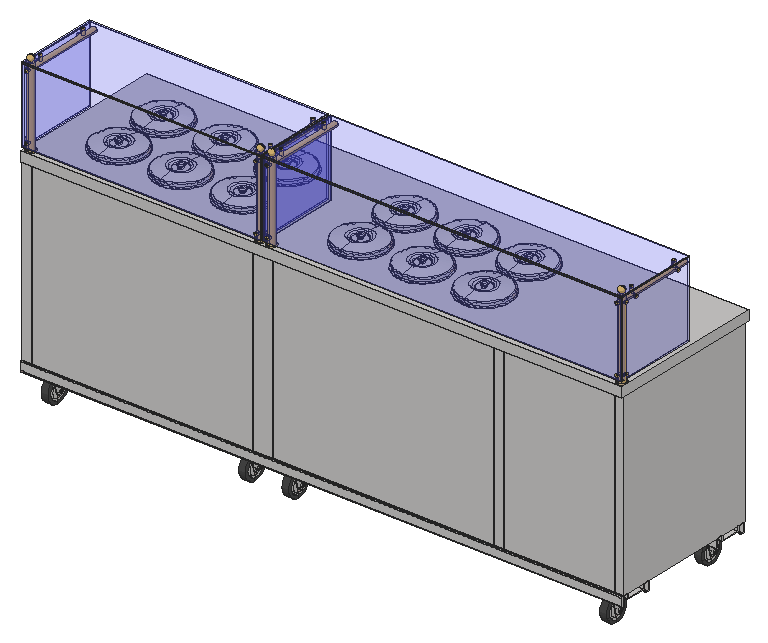
Revit family "Food-Service-Equipment_Oscartek_Pozzetti_PS12", category Specialty Equipment, Revit 2026
Family settings
  Round Connector Dimension = Use Diameter
  Part Type = Normal
  Classification Number = 23.40.40.11.17
  Work Plane-Based = No
  Enable Cutting in Views = No
  Always vertical = Yes
  Cut with Voids When Loaded = No
  Maintain Annotation Orientation = No
  Shared = No
  Room Calculation Point = No
Parameters
  Weight in Pounds = 820
  Watts = if(Phase = 3, Volts * FL Amps * 1.73, Volts * FL Amps)  # 1725 W
  Waste Water Discharge Temperature = 0 °F
  Volts = 115 V
  URL Cutsheet = "www.oscartek.com"
  URL = "www.oscartek.com"
  Type Comments = "As Specified"
  Test Data = "http://www.oscartek.com/company/clients.php"
  Specification by User = ""
  Specification by Manufacturer = ""
  Specification = "https://www.arcat.com/arcatcos/cos48/arc48760.html"
  Show Sneeze Guard [instance] = yes
  Show Legs [instance] = not(Show Casters)  # no
  Show Casters [instance] = yes
  Serial Number = ""
  Seismic Rating = ""
  Sales Information = "http://www.oscartek.com/company/contact.php"
  SMACNA No = ""
  Revision Code = ""
  Revision = "R1_2018-10"
  Refrigerant Volume = 0.00 kip
  Refrigerant Type = "R404A"
  Product Data = "http://www.oscartek.com/support/manuals/"
  Phase = 1
  Number of Poles = 1
  NAFEM Spec ID Number = ""
  Model = "POZZETTI PS12"
  Min Ckt Ampacity = 0 A
  Max Overcurrent Protection = 0 A
  Masterspec = ""
  Manufacturer Website = "http://www.oscartek.com/index.php"
  Manufacturer Phone - Toll Free = "855-885-2400"
  Manufacturer Phone = "650-342-2400"
  Manufacturer Fax = "650-342-7400"
  Manufacturer Address = "361 Beach Rd., Burlingame, CA 94010"
  Manufacturer = "OSCARTEK"
  Length = 98.43"
  Item Number = ""
  Installed By = ""
  Installation-Fabrication = "http://www.oscartek.com/support/manuals/"
  Indirect Waste Size = 1/2"
  Indirect Waste Flow = 0 GPM
  Indirect Waste Connection Type = ""
  Indirect Waste Connection Height = 0.00"
  Identify Quantity as Lot = yes
  Height = 36.65347"
  HP = ""
  Green Building-LEED = "https://www.arcat.com/green/green_building.shtml"
  Furnished By = ""
  Foodservice Equipment Identifier = yes
  FL Amps = 15 A
  Elec Conn RI Height = 0.00"
  Elec Conn Connection Height = 0.00"
  Drawn By = "Sumex Design, Inc. / Robert S. Weygant, CSI, CDT, SCIP"
  Description = "POZZETTI WITH STORAGE (SELF CONTAINED)"
  Depth = 25.79"
  Default Elevation = 0.00"
  Cycle = 60 Hz
  Copyright = "©Arcat Inc."
  Construction Details = "http://www.oscartek.com/support/manuals/"
  Conn Plug = ""
  Conn Conduit = yes
  Category = ""
  CSI MasterFormat = "11 41 13"
  Building Codes = "https://www.arcat.com/arcatcos/cos48/arc48760.html"
  BTUH = 0.0 Btu/h
  Apparent Power = 0 VA
Reference planes (in)
  plane 1 "BACK": y = 0
  plane 2: z = 0
  plane 3 "LEFT": x = 0
  plane 4 "RIGHT": x = 98.43
  plane 5 "FRONT": y = -25.79
  plane 6 "TOP": z = 36.65347
  plane 7 "Center Y": x = 49.215
  plane 8 "Center X": y = -12.895
  plane 9: z = 4.37401
  plane 10: z = 50.65347
  plane 11: x = 94.88907
Forms (in)
  Extrusion 1, solid, material "QF_Metal - Stainless - Polished"
    sketch origin (0, 0, 0) x (0, 1, 0) y (0, 0, 1)
      loop
        line (0, 36.65347) -> (-25.79, 36.65347) -> (-25.79, 35.07867) -> (0, 35.07867) -> (0, 36.65347)
    from 0 to 98.43
  Extrusion 2, solid, material "QF_Metal - Stainless - Polished"
    sketch origin (0, 0, 0) x (0, 1, 0) y (0, 0, 1)
      loop
        line (-25.75344, 5.84644) -> (-24.73376, 5.84644) -> (-24.73376, 5.16928)
        arc (-24.73376, 5.16928) -> (-24.71416, 5.12196) -> (-24.66683, 5.10235) r 0.06693
        line (-24.66683, 5.10235) -> (-21.44601, 5.10235)
        arc (-21.44601, 5.10235) -> (-21.39894, 5.12185) -> (-21.37944, 5.16893) r 0.06658
        line (-21.37944, 5.16893) -> (-21.37944, 5.84644) -> (-20.35975, 5.84644) -> (-20.35975, 4.43306) -> (-20.72196, 4.43306) -> (-20.72196, 4.37401) -> (-20.36915, 4.37401)
        arc (-20.36915, 4.37401) -> (-20.32075, 4.39406) -> (-20.3007, 4.44246) r 0.06845
        line (-20.3007, 4.44246) -> (-20.3007, 5.84188)
        arc (-20.3007, 5.84188) -> (-20.31933, 5.88687) -> (-20.36432, 5.9055) r 0.06362
        line (-20.36432, 5.9055) -> (-21.37029, 5.9055)
        arc (-21.37029, 5.9055) -> (-21.41852, 5.88552) -> (-21.43849, 5.83729) r 0.06821
        line (-21.43849, 5.83729) -> (-21.43849, 5.16141) -> (-24.67471, 5.16141) -> (-24.67471, 5.83857)
        arc (-24.67471, 5.83857) -> (-24.69431, 5.8859) -> (-24.74164, 5.9055) r 0.06693
        line (-24.74164, 5.9055) -> (-25.74557, 5.9055)
        arc (-25.74557, 5.9055) -> (-25.7929, 5.8859) -> (-25.8125, 5.83857) r 0.06693
        line (-25.8125, 5.83857) -> (-25.8125, 4.43787)
        arc (-25.8125, 4.43787) -> (-25.7938, 4.39271) -> (-25.74864, 4.37401) r 0.06386
        line (-25.74864, 4.37401) -> (-25.39124, 4.37401) -> (-25.39124, 4.43306) -> (-25.75344, 4.43306) -> (-25.75344, 5.84644)
    from 0 to 98.43
  Extrusion 3, solid, material "QF_Metal - Stainless - Polished"
    sketch origin (0, -25.79, 0) x (0, -1, 0) y (0, 0, -1)
      loop
        line (-24.80029, -5.84644) -> (-24.80029, -4.43306) -> (-24.43808, -4.43306) -> (-24.43808, -4.37401) -> (-24.79548, -4.37401)
        arc (-24.79548, -4.37401) -> (-24.84064, -4.39271) -> (-24.85934, -4.43787) r 0.06386
        line (-24.85934, -4.43787) -> (-24.85934, -5.83857)
        arc (-24.85934, -5.83857) -> (-24.83974, -5.8859) -> (-24.79241, -5.9055) r 0.06693
        line (-24.79241, -5.9055) -> (-23.78848, -5.9055)
        arc (-23.78848, -5.9055) -> (-23.74115, -5.8859) -> (-23.72155, -5.83857) r 0.06693
        line (-23.72155, -5.83857) -> (-23.72155, -5.16141) -> (-20.48533, -5.16141) -> (-20.48533, -5.83729)
        arc (-20.48533, -5.83729) -> (-20.46536, -5.88552) -> (-20.41713, -5.9055) r 0.06821
        line (-20.41713, -5.9055) -> (-19.41116, -5.9055)
        arc (-19.41116, -5.9055) -> (-19.36617, -5.88687) -> (-19.34754, -5.84188) r 0.06362
        line (-19.34754, -5.84188) -> (-19.34754, -4.44246)
        arc (-19.34754, -4.44246) -> (-19.36759, -4.39406) -> (-19.41599, -4.37401) r 0.06845
        line (-19.41599, -4.37401) -> (-19.7688, -4.37401) -> (-19.7688, -4.43306) -> (-19.4066, -4.43306) -> (-19.4066, -5.84644) -> (-20.42628, -5.84644) -> (-20.42628, -5.16893)
        arc (-20.42628, -5.16893) -> (-20.44578, -5.12185) -> (-20.49285, -5.10235) r 0.06658
        line (-20.49285, -5.10235) -> (-23.71367, -5.10235)
        arc (-23.71367, -5.10235) -> (-23.761, -5.12196) -> (-23.7806, -5.16928) r 0.06693
        line (-23.7806, -5.16928) -> (-23.7806, -5.84644) -> (-24.80029, -5.84644)
    from 0 to 98.43
  Extrusion 4, solid, material "QF_Plastic - Black - Smooth"
    sketch origin (0, -0.81255, 35.07867) x (0, 0, -1) y (-1, 0, 0)
      loop
        line (6.11123, -92.39267) -> (6.11123, -83.23489) -> (5.324, -83.23489) -> (5.324, -92.39267) -> (6.11123, -92.39267)
      loop
        line (7.063, -92.39267) -> (7.063, -83.23489) -> (6.27577, -83.23489) -> (6.27577, -92.39267) -> (7.063, -92.39267)
      loop
        line (8.01477, -92.39267) -> (8.01477, -83.23489) -> (7.22754, -83.23489) -> (7.22754, -92.39267) -> (8.01477, -92.39267)
      loop
        line (8.96654, -92.39267) -> (8.96654, -83.23489) -> (8.17931, -83.23489) -> (8.17931, -92.39267) -> (8.96654, -92.39267)
      loop
        line (9.91831, -92.39267) -> (9.91831, -84.23489) -> (9.13108, -83.44766) -> (9.13108, -92.39267) -> (9.91831, -92.39267)
      loop
        line (10.87008, -92.39267) -> (10.87008, -85.18666) -> (10.08285, -84.39943) -> (10.08285, -92.39267) -> (10.87008, -92.39267)
      loop
        line (11.82185, -92.39267) -> (11.82185, -86.13843) -> (11.03462, -85.3512) -> (11.03462, -92.39267) -> (11.82185, -92.39267)
      loop
        line (22.06743, -93.20423) -> (22.06743, -82.47128) -> (21.2802, -82.47128) -> (21.2802, -93.20423) -> (22.06743, -93.20423)
      loop
        line (23.0192, -93.20423) -> (23.0192, -82.47128) -> (22.23197, -82.47128) -> (22.23197, -93.20423) -> (23.0192, -93.20423)
      loop
        line (23.97097, -93.20423) -> (23.97097, -82.47128) -> (23.18374, -82.47128) -> (23.18374, -93.20423) -> (23.97097, -93.20423)
      loop
        line (24.92274, -93.20423) -> (24.92274, -82.47128) -> (24.13551, -82.47128) -> (24.13551, -93.20423) -> (24.92274, -93.20423)
      loop
        line (25.87451, -93.20423) -> (25.87451, -82.47128) -> (25.08728, -82.47128) -> (25.08728, -93.20423) -> (25.87451, -93.20423)
      loop
        line (26.82628, -93.20423) -> (26.82628, -82.47128) -> (26.03905, -82.47128) -> (26.03905, -93.20423) -> (26.82628, -93.20423)
      loop
        line (27.77805, -93.20423) -> (27.77805, -82.47128) -> (26.99082, -82.47128) -> (26.99082, -93.20423) -> (27.77805, -93.20423)
      loop
        line (28.72982, -93.20423) -> (28.72982, -82.47128) -> (27.94259, -82.47128) -> (27.94259, -93.20423) -> (28.72982, -93.20423)
      loop
        line (19.21212, -93.20423) -> (19.21212, -84.31676) -> (18.42489, -85.10399) -> (18.42489, -93.20423) -> (19.21212, -93.20423)
      loop
        line (20.16389, -93.20423) -> (20.16389, -83.36499) -> (19.37666, -84.15222) -> (19.37666, -93.20423) -> (20.16389, -93.20423)
      loop
        line (21.11566, -93.20423) -> (21.11566, -82.41322) -> (20.32843, -83.20045) -> (20.32843, -93.20423) -> (21.11566, -93.20423)
    from 0 to 0.06
  Extrusion 5, solid, material "QF_Metal - Stainless - Polished"
    sketch origin (1.5748, 0, 35.07867) x (0, 0, -1) y (0, 1, 0)
      loop
        line (0, -25.4188) -> (29.17317, -25.4188) -> (29.17317, -23.8488) -> (0, -23.8488) -> (0, -25.4188)
      loop
        line (0, -0.81255) -> (0, -2.38255) -> (29.17317, -2.38255) -> (29.17317, -0.81255) -> (0, -0.81255)
    from 0 to 36.20072
  Extrusion 6, solid, material "QF_Metal - Stainless - Polished"
    sketch origin (0, 0, 0) x (1, 0, 0) y (0, 0, 1)
      loop
        line (0, 35.07867) -> (0, 5.9055) -> (1.5748, 5.9055) -> (1.5748, 35.07867) -> (0, 35.07867)
      loop
        line (98.43, 35.07867) -> (96.8552, 35.07867) -> (96.8552, 5.9055) -> (98.43, 5.9055) -> (98.43, 35.07867)
      loop
        line (78.74027, 35.07867) -> (77.14579, 35.07867) -> (77.14579, 5.9055) -> (78.74027, 5.9055) -> (78.74027, 35.07867)
      loop
        line (40.96448, 35.07867) -> (37.77552, 35.07867) -> (37.77552, 5.9055) -> (40.96448, 5.9055) -> (40.96448, 35.07867)
    from 0.81255 to 25.4188
  Blend 7, solid, material "QF_Metal - Stainless - Polished", not visible
    base sketch origin (1.5748, -0.56255, 35.07867) x (0, 0, -1) y (-1, 0, 0)
      loop
        line (24.38762, -13.45273) -> (25.29732, -13.45273) -> (25.29732, -8.87006) -> (24.38762, -8.87006) -> (24.38762, -13.45273)
    top sketch origin (1.5748, -0.56255, 35.07867) x (0, 0, -1) y (-1, 0, 0)
      loop
        line (24.25582, -14.78344) -> (25.47516, -14.78344)
        arc (25.47516, -14.78344) -> (25.5751, -14.74204) -> (25.6165, -14.6421) r 0.14133
        line (25.6165, -14.6421) -> (25.6165, -7.64149)
        arc (25.6165, -7.64149) -> (25.58658, -7.56927) -> (25.51436, -7.53935) r 0.10214
        line (25.51436, -7.53935) -> (24.26614, -7.53935)
        arc (24.26614, -7.53935) -> (24.19557, -7.56858) -> (24.16634, -7.63915) r 0.0998
        line (24.16634, -7.63915) -> (24.16634, -14.69396)
        arc (24.16634, -14.69396) -> (24.19255, -14.75723) -> (24.25582, -14.78344) r 0.08948
    from 0 to -0.25
  Extrusion 8, solid, material "QF_Plastic - Black - Smooth", not visible
    sketch origin (19.685, -0.56255, 35.07867) x (0, 0, -1) y (-1, 0, 0)
      loop
        line (24.38762, 6.75975) -> (25.29732, 6.75975) -> (25.29732, 9.24014) -> (24.38762, 9.24014) -> (24.38762, 6.75975)
      loop
        line (24.78346, 6.88188) -> (24.78346, 7.40943) -> (24.4112, 7.40943) -> (24.4112, 6.88188) -> (24.78346, 6.88188)
      loop
        line (24.78346, 7.49211) -> (24.78346, 8.01967) -> (24.4112, 8.01967) -> (24.4112, 7.49211) -> (24.78346, 7.49211)
      loop
        line (24.78346, 8.10234) -> (24.78346, 8.6299) -> (24.4112, 8.6299) -> (24.4112, 8.10234) -> (24.78346, 8.10234)
      loop
        line (24.78346, 8.68478) -> (24.78346, 9.21234) -> (24.4112, 9.21234) -> (24.4112, 8.68478) -> (24.78346, 8.68478)
      loop
        line (25.27827, 6.88188) -> (25.27827, 7.40943) -> (24.90601, 7.40943) -> (24.90601, 6.88188) -> (25.27827, 6.88188)
      loop
        line (25.27827, 7.49211) -> (25.27827, 8.01967) -> (24.90601, 8.01967) -> (24.90601, 7.49211) -> (25.27827, 7.49211)
      loop
        line (25.27827, 8.10234) -> (25.27827, 8.6299) -> (24.90601, 8.6299) -> (24.90601, 8.10234) -> (25.27827, 8.10234)
      loop
        line (25.27827, 8.68478) -> (25.27827, 9.21234) -> (24.90601, 9.21234) -> (24.90601, 8.68478) -> (25.27827, 8.68478)
    from 0 to 0.06
  Extrusion 9, solid, material "Glass", not visible
    sketch origin (19.685, -0.56255, 35.07867) x (0, 0, -1) y (-1, 0, 0)
      loop
        line (24.38762, 4.65747) -> (25.29732, 4.65747) -> (25.29732, 6.75975) -> (24.38762, 6.75975) -> (24.38762, 4.65747)
    from 0 to 0.06
  Extrusion 10, solid, material "QF_Metal - Stainless - Polished", not visible
    sketch origin (19.685, -0.56255, 35.07867) x (0, 0, -1) y (-1, 0, 0)
      loop
        line (24.78346, 6.88188) -> (24.78346, 7.40943) -> (24.4112, 7.40943) -> (24.4112, 6.88188) -> (24.78346, 6.88188)
      loop
        line (24.78346, 7.49211) -> (24.78346, 8.01967) -> (24.4112, 8.01967) -> (24.4112, 7.49211) -> (24.78346, 7.49211)
      loop
        line (24.78346, 8.10234) -> (24.78346, 8.6299) -> (24.4112, 8.6299) -> (24.4112, 8.10234) -> (24.78346, 8.10234)
      loop
        line (24.78346, 8.68478) -> (24.78346, 9.21234) -> (24.4112, 9.21234) -> (24.4112, 8.68478) -> (24.78346, 8.68478)
      loop
        line (25.27827, 6.88188) -> (25.27827, 7.40943) -> (24.90601, 7.40943) -> (24.90601, 6.88188) -> (25.27827, 6.88188)
      loop
        line (25.27827, 7.49211) -> (25.27827, 8.01967) -> (24.90601, 8.01967) -> (24.90601, 7.49211) -> (25.27827, 7.49211)
      loop
        line (25.27827, 8.10234) -> (25.27827, 8.6299) -> (24.90601, 8.6299) -> (24.90601, 8.10234) -> (25.27827, 8.10234)
      loop
        line (25.27827, 8.68478) -> (25.27827, 9.21234) -> (24.90601, 9.21234) -> (24.90601, 8.68478) -> (25.27827, 8.68478)
    from 0 to 0.06
  Extrusion 11, solid, material "QF_Metal - Stainless - Polished"
    sketch origin (96.8552, 0, 5.9055) x (0, -1, 0) y (-1, 0, 0)
      loop
        circle (12.87399, 37.8002) r 0.64961
      loop
        circle (21.7404, 70.15685) r 0.69
      loop
        circle (21.7404, 71.65685) r 0.59055
      loop
        circle (12.87399, 77.1702) r 0.64961
      loop
        circle (21.7404, 30.78649) r 0.59055
      loop
        circle (21.7404, 29.28649) r 0.69
    from 0 to 0.25
  Extrusion 12, solid, material "QF_Metal - Stainless - Polished"
    sketch origin (55.88071, 0, 35.07867) x (0, 0, -1) y (0, -1, 0)
      loop
        line (0, 25.4188) -> (0, 23.8488) -> (29.17317, 23.8488) -> (29.17317, 25.4188) -> (0, 25.4188)
      loop
        line (0, 0.81255) -> (29.17317, 0.81255) -> (29.17317, 2.38255) -> (0, 2.38255) -> (0, 0.81255)
    from -21.26508 to 14.91623
  Revolve 13, solid, material "QF_Metal - Stainless - Polished"
    sketch origin (9.40096, 6.99916, 48) x (0, 1, 0) y (0, 0, 1)
      loop
        line (-24.39607, -9.78644) -> (-24.60991, -9.78644)
        arc (-24.60991, -9.78644) -> (-24.63314, -9.78898) -> (-24.65527, -9.79648) r 0.10753
        line (-24.65527, -9.79648) -> (-24.87087, -9.89681)
        arc (-24.87087, -9.89681) -> (-24.91326, -9.93395) -> (-24.92905, -9.98805) r 0.10064
        line (-24.92905, -9.98805) -> (-24.92905, -10.02582)
        arc (-24.92905, -10.02582) -> (-24.91479, -10.07469) -> (-24.8765, -10.10823) r 0.09091
        line (-24.8765, -10.10823) -> (-24.68801, -10.19597)
        arc (-24.68801, -10.19597) -> (-24.6484, -10.23067) -> (-24.63366, -10.28122) r 0.09403
        line (-24.63366, -10.28122) -> (-24.63366, -10.4373)
        arc (-24.63366, -10.4373) -> (-24.66401, -10.51057) -> (-24.73727, -10.54091) r 0.10361
        line (-24.73727, -10.54091) -> (-25.64861, -10.54091)
        arc (-25.64861, -10.54091) -> (-25.68489, -10.53533) -> (-25.71781, -10.5191) r 0.12066
        line (-25.71781, -10.5191) -> (-26.01541, -10.31074)
        arc (-26.01541, -10.31074) -> (-26.18859, -10.23455) -> (-26.37773, -10.23042) r 0.48492
        line (-26.37773, -10.23042) -> (-28.41833, -10.59022)
        arc (-28.41833, -10.59022) -> (-28.4778, -10.62456) -> (-28.50129, -10.68909) r 0.10039
        line (-28.50129, -10.68909) -> (-28.50129, -11.12412)
        arc (-28.50129, -11.12412) -> (-28.60355, -11.15381) -> (-28.64788, -11.25062) r 0.12788
        line (-28.64788, -11.25062) -> (-28.64788, -11.34653) -> (-24.39607, -11.34653) -> (-24.39607, -9.78644)
      axis (-24.39607, -11.34653) -> (-24.39607, -9.78644)
    angle from 0 to 360
  Revolve 14, solid, material "QF_Metal - Stainless - Polished"
    sketch origin (9.40096, -32.60166, 48) x (0, -1, 0) y (0, 0, -1)
      loop
        line (-24.274, 9.78644) -> (-24.274, 11.34653) -> (-28.52581, 11.34653) -> (-28.52581, 11.25062)
        arc (-28.52581, 11.25062) -> (-28.48148, 11.15381) -> (-28.37922, 11.12412) r 0.12788
        line (-28.37922, 11.12412) -> (-28.37922, 10.68909)
        arc (-28.37922, 10.68909) -> (-28.35573, 10.62456) -> (-28.29626, 10.59022) r 0.10039
        line (-28.29626, 10.59022) -> (-26.25566, 10.23042)
        arc (-26.25566, 10.23042) -> (-26.06652, 10.23455) -> (-25.89334, 10.31074) r 0.48492
        line (-25.89334, 10.31074) -> (-25.59574, 10.5191)
        arc (-25.59574, 10.5191) -> (-25.56282, 10.53533) -> (-25.52654, 10.54091) r 0.12066
        line (-25.52654, 10.54091) -> (-24.6152, 10.54091)
        arc (-24.6152, 10.54091) -> (-24.54194, 10.51057) -> (-24.51159, 10.4373) r 0.10361
        line (-24.51159, 10.4373) -> (-24.51159, 10.28122)
        arc (-24.51159, 10.28122) -> (-24.52633, 10.23067) -> (-24.56594, 10.19597) r 0.09403
        line (-24.56594, 10.19597) -> (-24.75443, 10.10823)
        arc (-24.75443, 10.10823) -> (-24.79272, 10.07469) -> (-24.80698, 10.02582) r 0.09091
        line (-24.80698, 10.02582) -> (-24.80698, 9.98805)
        arc (-24.80698, 9.98805) -> (-24.79119, 9.93395) -> (-24.7488, 9.89681) r 0.10064
        line (-24.7488, 9.89681) -> (-24.5332, 9.79648)
        arc (-24.5332, 9.79648) -> (-24.51107, 9.78898) -> (-24.48784, 9.78644) r 0.10753
        line (-24.48784, 9.78644) -> (-24.274, 9.78644)
      axis (-24.274, 11.34653) -> (-24.274, 9.78644)
    angle from 0 to 360
  Revolve 15, solid, material "QF_Metal - Stainless - Polished"
    sketch origin (19.54068, 6.99916, 48) x (0, 1, 0) y (0, 0, 1)
      loop
        line (-24.39607, -9.78644) -> (-24.60991, -9.78644)
        arc (-24.60991, -9.78644) -> (-24.63314, -9.78898) -> (-24.65527, -9.79648) r 0.10753
        line (-24.65527, -9.79648) -> (-24.87087, -9.89681)
        arc (-24.87087, -9.89681) -> (-24.91326, -9.93395) -> (-24.92905, -9.98805) r 0.10064
        line (-24.92905, -9.98805) -> (-24.92905, -10.02582)
        arc (-24.92905, -10.02582) -> (-24.91479, -10.07469) -> (-24.8765, -10.10823) r 0.09091
        line (-24.8765, -10.10823) -> (-24.68801, -10.19597)
        arc (-24.68801, -10.19597) -> (-24.6484, -10.23067) -> (-24.63366, -10.28122) r 0.09403
        line (-24.63366, -10.28122) -> (-24.63366, -10.4373)
        arc (-24.63366, -10.4373) -> (-24.66401, -10.51057) -> (-24.73727, -10.54091) r 0.10361
        line (-24.73727, -10.54091) -> (-25.64861, -10.54091)
        arc (-25.64861, -10.54091) -> (-25.68489, -10.53533) -> (-25.71781, -10.5191) r 0.12066
        line (-25.71781, -10.5191) -> (-26.01541, -10.31074)
        arc (-26.01541, -10.31074) -> (-26.18859, -10.23455) -> (-26.37773, -10.23042) r 0.48492
        line (-26.37773, -10.23042) -> (-28.41833, -10.59022)
        arc (-28.41833, -10.59022) -> (-28.4778, -10.62456) -> (-28.50129, -10.68909) r 0.10039
        line (-28.50129, -10.68909) -> (-28.50129, -11.12412)
        arc (-28.50129, -11.12412) -> (-28.60355, -11.15381) -> (-28.64788, -11.25062) r 0.12788
        line (-28.64788, -11.25062) -> (-28.64788, -11.34653) -> (-24.39607, -11.34653) -> (-24.39607, -9.78644)
      axis (-24.39607, -11.34653) -> (-24.39607, -9.78644)
    angle from 0 to 360
  Revolve 16, solid, material "QF_Metal - Stainless - Polished"
    sketch origin (19.54068, -32.60166, 48) x (0, -1, 0) y (0, 0, -1)
      loop
        line (-24.274, 9.78644) -> (-24.274, 11.34653) -> (-28.52581, 11.34653) -> (-28.52581, 11.25062)
        arc (-28.52581, 11.25062) -> (-28.48148, 11.15381) -> (-28.37922, 11.12412) r 0.12788
        line (-28.37922, 11.12412) -> (-28.37922, 10.68909)
        arc (-28.37922, 10.68909) -> (-28.35573, 10.62456) -> (-28.29626, 10.59022) r 0.10039
        line (-28.29626, 10.59022) -> (-26.25566, 10.23042)
        arc (-26.25566, 10.23042) -> (-26.06652, 10.23455) -> (-25.89334, 10.31074) r 0.48492
        line (-25.89334, 10.31074) -> (-25.59574, 10.5191)
        arc (-25.59574, 10.5191) -> (-25.56282, 10.53533) -> (-25.52654, 10.54091) r 0.12066
        line (-25.52654, 10.54091) -> (-24.6152, 10.54091)
        arc (-24.6152, 10.54091) -> (-24.54194, 10.51057) -> (-24.51159, 10.4373) r 0.10361
        line (-24.51159, 10.4373) -> (-24.51159, 10.28122)
        arc (-24.51159, 10.28122) -> (-24.52633, 10.23067) -> (-24.56594, 10.19597) r 0.09403
        line (-24.56594, 10.19597) -> (-24.75443, 10.10823)
        arc (-24.75443, 10.10823) -> (-24.79272, 10.07469) -> (-24.80698, 10.02582) r 0.09091
        line (-24.80698, 10.02582) -> (-24.80698, 9.98805)
        arc (-24.80698, 9.98805) -> (-24.79119, 9.93395) -> (-24.7488, 9.89681) r 0.10064
        line (-24.7488, 9.89681) -> (-24.5332, 9.79648)
        arc (-24.5332, 9.79648) -> (-24.51107, 9.78898) -> (-24.48784, 9.78644) r 0.10753
        line (-24.48784, 9.78644) -> (-24.274, 9.78644)
      axis (-24.274, 11.34653) -> (-24.274, 9.78644)
    angle from 0 to 360
  Revolve 17, solid, material "QF_Metal - Stainless - Polished"
    sketch origin (29.66447, 6.99916, 48) x (0, 1, 0) y (0, 0, 1)
      loop
        line (-24.39607, -9.78644) -> (-24.60991, -9.78644)
        arc (-24.60991, -9.78644) -> (-24.63314, -9.78898) -> (-24.65527, -9.79648) r 0.10753
        line (-24.65527, -9.79648) -> (-24.87087, -9.89681)
        arc (-24.87087, -9.89681) -> (-24.91326, -9.93395) -> (-24.92905, -9.98805) r 0.10064
        line (-24.92905, -9.98805) -> (-24.92905, -10.02582)
        arc (-24.92905, -10.02582) -> (-24.91479, -10.07469) -> (-24.8765, -10.10823) r 0.09091
        line (-24.8765, -10.10823) -> (-24.68801, -10.19597)
        arc (-24.68801, -10.19597) -> (-24.6484, -10.23067) -> (-24.63366, -10.28122) r 0.09403
        line (-24.63366, -10.28122) -> (-24.63366, -10.4373)
        arc (-24.63366, -10.4373) -> (-24.66401, -10.51057) -> (-24.73727, -10.54091) r 0.10361
        line (-24.73727, -10.54091) -> (-25.64861, -10.54091)
        arc (-25.64861, -10.54091) -> (-25.68489, -10.53533) -> (-25.71781, -10.5191) r 0.12066
        line (-25.71781, -10.5191) -> (-26.01541, -10.31074)
        arc (-26.01541, -10.31074) -> (-26.18859, -10.23455) -> (-26.37773, -10.23042) r 0.48492
        line (-26.37773, -10.23042) -> (-28.41833, -10.59022)
        arc (-28.41833, -10.59022) -> (-28.4778, -10.62456) -> (-28.50129, -10.68909) r 0.10039
        line (-28.50129, -10.68909) -> (-28.50129, -11.12412)
        arc (-28.50129, -11.12412) -> (-28.60355, -11.15381) -> (-28.64788, -11.25062) r 0.12788
        line (-28.64788, -11.25062) -> (-28.64788, -11.34653) -> (-24.39607, -11.34653) -> (-24.39607, -9.78644)
      axis (-24.39607, -11.34653) -> (-24.39607, -9.78644)
    angle from 0 to 360
  Revolve 18, solid, material "QF_Metal - Stainless - Polished"
    sketch origin (29.66447, -32.60166, 48) x (0, -1, 0) y (0, 0, -1)
      loop
        line (-24.274, 9.78644) -> (-24.274, 11.34653) -> (-28.52581, 11.34653) -> (-28.52581, 11.25062)
        arc (-28.52581, 11.25062) -> (-28.48148, 11.15381) -> (-28.37922, 11.12412) r 0.12788
        line (-28.37922, 11.12412) -> (-28.37922, 10.68909)
        arc (-28.37922, 10.68909) -> (-28.35573, 10.62456) -> (-28.29626, 10.59022) r 0.10039
        line (-28.29626, 10.59022) -> (-26.25566, 10.23042)
        arc (-26.25566, 10.23042) -> (-26.06652, 10.23455) -> (-25.89334, 10.31074) r 0.48492
        line (-25.89334, 10.31074) -> (-25.59574, 10.5191)
        arc (-25.59574, 10.5191) -> (-25.56282, 10.53533) -> (-25.52654, 10.54091) r 0.12066
        line (-25.52654, 10.54091) -> (-24.6152, 10.54091)
        arc (-24.6152, 10.54091) -> (-24.54194, 10.51057) -> (-24.51159, 10.4373) r 0.10361
        line (-24.51159, 10.4373) -> (-24.51159, 10.28122)
        arc (-24.51159, 10.28122) -> (-24.52633, 10.23067) -> (-24.56594, 10.19597) r 0.09403
        line (-24.56594, 10.19597) -> (-24.75443, 10.10823)
        arc (-24.75443, 10.10823) -> (-24.79272, 10.07469) -> (-24.80698, 10.02582) r 0.09091
        line (-24.80698, 10.02582) -> (-24.80698, 9.98805)
        arc (-24.80698, 9.98805) -> (-24.79119, 9.93395) -> (-24.7488, 9.89681) r 0.10064
        line (-24.7488, 9.89681) -> (-24.5332, 9.79648)
        arc (-24.5332, 9.79648) -> (-24.51107, 9.78898) -> (-24.48784, 9.78644) r 0.10753
        line (-24.48784, 9.78644) -> (-24.274, 9.78644)
      axis (-24.274, 11.34653) -> (-24.274, 9.78644)
    angle from 0 to 360
  Revolve 19, solid, material "QF_Metal - Stainless - Polished"
    sketch origin (48.92397, 6.99916, 48) x (0, 1, 0) y (0, 0, 1)
      loop
        line (-24.39607, -9.78644) -> (-24.60991, -9.78644)
        arc (-24.60991, -9.78644) -> (-24.63314, -9.78898) -> (-24.65527, -9.79648) r 0.10753
        line (-24.65527, -9.79648) -> (-24.87087, -9.89681)
        arc (-24.87087, -9.89681) -> (-24.91326, -9.93395) -> (-24.92905, -9.98805) r 0.10064
        line (-24.92905, -9.98805) -> (-24.92905, -10.02582)
        arc (-24.92905, -10.02582) -> (-24.91479, -10.07469) -> (-24.8765, -10.10823) r 0.09091
        line (-24.8765, -10.10823) -> (-24.68801, -10.19597)
        arc (-24.68801, -10.19597) -> (-24.6484, -10.23067) -> (-24.63366, -10.28122) r 0.09403
        line (-24.63366, -10.28122) -> (-24.63366, -10.4373)
        arc (-24.63366, -10.4373) -> (-24.66401, -10.51057) -> (-24.73727, -10.54091) r 0.10361
        line (-24.73727, -10.54091) -> (-25.64861, -10.54091)
        arc (-25.64861, -10.54091) -> (-25.68489, -10.53533) -> (-25.71781, -10.5191) r 0.12066
        line (-25.71781, -10.5191) -> (-26.01541, -10.31074)
        arc (-26.01541, -10.31074) -> (-26.18859, -10.23455) -> (-26.37773, -10.23042) r 0.48492
        line (-26.37773, -10.23042) -> (-28.41833, -10.59022)
        arc (-28.41833, -10.59022) -> (-28.4778, -10.62456) -> (-28.50129, -10.68909) r 0.10039
        line (-28.50129, -10.68909) -> (-28.50129, -11.12412)
        arc (-28.50129, -11.12412) -> (-28.60355, -11.15381) -> (-28.64788, -11.25062) r 0.12788
        line (-28.64788, -11.25062) -> (-28.64788, -11.34653) -> (-24.39607, -11.34653) -> (-24.39607, -9.78644)
      axis (-24.39607, -11.34653) -> (-24.39607, -9.78644)
    angle from 0 to 360
  Revolve 20, solid, material "QF_Metal - Stainless - Polished"
    sketch origin (48.92397, -32.60166, 48) x (0, -1, 0) y (0, 0, -1)
      loop
        line (-24.274, 9.78644) -> (-24.274, 11.34653) -> (-28.52581, 11.34653) -> (-28.52581, 11.25062)
        arc (-28.52581, 11.25062) -> (-28.48148, 11.15381) -> (-28.37922, 11.12412) r 0.12788
        line (-28.37922, 11.12412) -> (-28.37922, 10.68909)
        arc (-28.37922, 10.68909) -> (-28.35573, 10.62456) -> (-28.29626, 10.59022) r 0.10039
        line (-28.29626, 10.59022) -> (-26.25566, 10.23042)
        arc (-26.25566, 10.23042) -> (-26.06652, 10.23455) -> (-25.89334, 10.31074) r 0.48492
        line (-25.89334, 10.31074) -> (-25.59574, 10.5191)
        arc (-25.59574, 10.5191) -> (-25.56282, 10.53533) -> (-25.52654, 10.54091) r 0.12066
        line (-25.52654, 10.54091) -> (-24.6152, 10.54091)
        arc (-24.6152, 10.54091) -> (-24.54194, 10.51057) -> (-24.51159, 10.4373) r 0.10361
        line (-24.51159, 10.4373) -> (-24.51159, 10.28122)
        arc (-24.51159, 10.28122) -> (-24.52633, 10.23067) -> (-24.56594, 10.19597) r 0.09403
        line (-24.56594, 10.19597) -> (-24.75443, 10.10823)
        arc (-24.75443, 10.10823) -> (-24.79272, 10.07469) -> (-24.80698, 10.02582) r 0.09091
        line (-24.80698, 10.02582) -> (-24.80698, 9.98805)
        arc (-24.80698, 9.98805) -> (-24.79119, 9.93395) -> (-24.7488, 9.89681) r 0.10064
        line (-24.7488, 9.89681) -> (-24.5332, 9.79648)
        arc (-24.5332, 9.79648) -> (-24.51107, 9.78898) -> (-24.48784, 9.78644) r 0.10753
        line (-24.48784, 9.78644) -> (-24.274, 9.78644)
      axis (-24.274, 11.34653) -> (-24.274, 9.78644)
    angle from 0 to 360
  Extrusion 21, solid, material "QF_Metal - Stainless - Polished"
    sketch origin (100.00535, 0, 35.07867) x (0, 0, -1) y (0, 1, 0)
      loop
        line (0, -25.4188) -> (29.17317, -25.4188) -> (29.17317, -23.8488) -> (0, -23.8488) -> (0, -25.4188)
      loop
        line (0, -0.81255) -> (0, -2.38255) -> (29.17317, -2.38255) -> (29.17317, -0.81255) -> (0, -0.81255)
    from -21.26508 to -3.15015
  Revolve 22, solid, material "QF_Metal - Stainless - Polished"
    sketch origin (59.04839, 6.99916, 48) x (0, 1, 0) y (0, 0, 1)
      loop
        line (-24.39607, -9.78644) -> (-24.60991, -9.78644)
        arc (-24.60991, -9.78644) -> (-24.63314, -9.78898) -> (-24.65527, -9.79648) r 0.10753
        line (-24.65527, -9.79648) -> (-24.87087, -9.89681)
        arc (-24.87087, -9.89681) -> (-24.91326, -9.93395) -> (-24.92905, -9.98805) r 0.10064
        line (-24.92905, -9.98805) -> (-24.92905, -10.02582)
        arc (-24.92905, -10.02582) -> (-24.91479, -10.07469) -> (-24.8765, -10.10823) r 0.09091
        line (-24.8765, -10.10823) -> (-24.68801, -10.19597)
        arc (-24.68801, -10.19597) -> (-24.6484, -10.23067) -> (-24.63366, -10.28122) r 0.09403
        line (-24.63366, -10.28122) -> (-24.63366, -10.4373)
        arc (-24.63366, -10.4373) -> (-24.66401, -10.51057) -> (-24.73727, -10.54091) r 0.10361
        line (-24.73727, -10.54091) -> (-25.64861, -10.54091)
        arc (-25.64861, -10.54091) -> (-25.68489, -10.53533) -> (-25.71781, -10.5191) r 0.12066
        line (-25.71781, -10.5191) -> (-26.01541, -10.31074)
        arc (-26.01541, -10.31074) -> (-26.18859, -10.23455) -> (-26.37773, -10.23042) r 0.48492
        line (-26.37773, -10.23042) -> (-28.41833, -10.59022)
        arc (-28.41833, -10.59022) -> (-28.4778, -10.62456) -> (-28.50129, -10.68909) r 0.10039
        line (-28.50129, -10.68909) -> (-28.50129, -11.12412)
        arc (-28.50129, -11.12412) -> (-28.60355, -11.15381) -> (-28.64788, -11.25062) r 0.12788
        line (-28.64788, -11.25062) -> (-28.64788, -11.34653) -> (-24.39607, -11.34653) -> (-24.39607, -9.78644)
      axis (-24.39607, -11.34653) -> (-24.39607, -9.78644)
    angle from 0 to 360
  Revolve 23, solid, material "QF_Metal - Stainless - Polished"
    sketch origin (59.04839, -32.60166, 48) x (0, -1, 0) y (0, 0, -1)
      loop
        line (-24.274, 9.78644) -> (-24.274, 11.34653) -> (-28.52581, 11.34653) -> (-28.52581, 11.25062)
        arc (-28.52581, 11.25062) -> (-28.48148, 11.15381) -> (-28.37922, 11.12412) r 0.12788
        line (-28.37922, 11.12412) -> (-28.37922, 10.68909)
        arc (-28.37922, 10.68909) -> (-28.35573, 10.62456) -> (-28.29626, 10.59022) r 0.10039
        line (-28.29626, 10.59022) -> (-26.25566, 10.23042)
        arc (-26.25566, 10.23042) -> (-26.06652, 10.23455) -> (-25.89334, 10.31074) r 0.48492
        line (-25.89334, 10.31074) -> (-25.59574, 10.5191)
        arc (-25.59574, 10.5191) -> (-25.56282, 10.53533) -> (-25.52654, 10.54091) r 0.12066
        line (-25.52654, 10.54091) -> (-24.6152, 10.54091)
        arc (-24.6152, 10.54091) -> (-24.54194, 10.51057) -> (-24.51159, 10.4373) r 0.10361
        line (-24.51159, 10.4373) -> (-24.51159, 10.28122)
        arc (-24.51159, 10.28122) -> (-24.52633, 10.23067) -> (-24.56594, 10.19597) r 0.09403
        line (-24.56594, 10.19597) -> (-24.75443, 10.10823)
        arc (-24.75443, 10.10823) -> (-24.79272, 10.07469) -> (-24.80698, 10.02582) r 0.09091
        line (-24.80698, 10.02582) -> (-24.80698, 9.98805)
        arc (-24.80698, 9.98805) -> (-24.79119, 9.93395) -> (-24.7488, 9.89681) r 0.10064
        line (-24.7488, 9.89681) -> (-24.5332, 9.79648)
        arc (-24.5332, 9.79648) -> (-24.51107, 9.78898) -> (-24.48784, 9.78644) r 0.10753
        line (-24.48784, 9.78644) -> (-24.274, 9.78644)
      axis (-24.274, 11.34653) -> (-24.274, 9.78644)
    angle from 0 to 360
  Revolve 24, solid, material "QF_Metal - Stainless - Polished"
    sketch origin (69.19323, 6.99916, 48) x (0, 1, 0) y (0, 0, 1)
      loop
        line (-24.39607, -9.78644) -> (-24.60991, -9.78644)
        arc (-24.60991, -9.78644) -> (-24.63314, -9.78898) -> (-24.65527, -9.79648) r 0.10753
        line (-24.65527, -9.79648) -> (-24.87087, -9.89681)
        arc (-24.87087, -9.89681) -> (-24.91326, -9.93395) -> (-24.92905, -9.98805) r 0.10064
        line (-24.92905, -9.98805) -> (-24.92905, -10.02582)
        arc (-24.92905, -10.02582) -> (-24.91479, -10.07469) -> (-24.8765, -10.10823) r 0.09091
        line (-24.8765, -10.10823) -> (-24.68801, -10.19597)
        arc (-24.68801, -10.19597) -> (-24.6484, -10.23067) -> (-24.63366, -10.28122) r 0.09403
        line (-24.63366, -10.28122) -> (-24.63366, -10.4373)
        arc (-24.63366, -10.4373) -> (-24.66401, -10.51057) -> (-24.73727, -10.54091) r 0.10361
        line (-24.73727, -10.54091) -> (-25.64861, -10.54091)
        arc (-25.64861, -10.54091) -> (-25.68489, -10.53533) -> (-25.71781, -10.5191) r 0.12066
        line (-25.71781, -10.5191) -> (-26.01541, -10.31074)
        arc (-26.01541, -10.31074) -> (-26.18859, -10.23455) -> (-26.37773, -10.23042) r 0.48492
        line (-26.37773, -10.23042) -> (-28.41833, -10.59022)
        arc (-28.41833, -10.59022) -> (-28.4778, -10.62456) -> (-28.50129, -10.68909) r 0.10039
        line (-28.50129, -10.68909) -> (-28.50129, -11.12412)
        arc (-28.50129, -11.12412) -> (-28.60355, -11.15381) -> (-28.64788, -11.25062) r 0.12788
        line (-28.64788, -11.25062) -> (-28.64788, -11.34653) -> (-24.39607, -11.34653) -> (-24.39607, -9.78644)
      axis (-24.39607, -11.34653) -> (-24.39607, -9.78644)
    angle from 0 to 360
  Revolve 25, solid, material "QF_Metal - Stainless - Polished"
    sketch origin (69.19323, -32.60166, 48) x (0, -1, 0) y (0, 0, -1)
      loop
        line (-24.274, 9.78644) -> (-24.274, 11.34653) -> (-28.52581, 11.34653) -> (-28.52581, 11.25062)
        arc (-28.52581, 11.25062) -> (-28.48148, 11.15381) -> (-28.37922, 11.12412) r 0.12788
        line (-28.37922, 11.12412) -> (-28.37922, 10.68909)
        arc (-28.37922, 10.68909) -> (-28.35573, 10.62456) -> (-28.29626, 10.59022) r 0.10039
        line (-28.29626, 10.59022) -> (-26.25566, 10.23042)
        arc (-26.25566, 10.23042) -> (-26.06652, 10.23455) -> (-25.89334, 10.31074) r 0.48492
        line (-25.89334, 10.31074) -> (-25.59574, 10.5191)
        arc (-25.59574, 10.5191) -> (-25.56282, 10.53533) -> (-25.52654, 10.54091) r 0.12066
        line (-25.52654, 10.54091) -> (-24.6152, 10.54091)
        arc (-24.6152, 10.54091) -> (-24.54194, 10.51057) -> (-24.51159, 10.4373) r 0.10361
        line (-24.51159, 10.4373) -> (-24.51159, 10.28122)
        arc (-24.51159, 10.28122) -> (-24.52633, 10.23067) -> (-24.56594, 10.19597) r 0.09403
        line (-24.56594, 10.19597) -> (-24.75443, 10.10823)
        arc (-24.75443, 10.10823) -> (-24.79272, 10.07469) -> (-24.80698, 10.02582) r 0.09091
        line (-24.80698, 10.02582) -> (-24.80698, 9.98805)
        arc (-24.80698, 9.98805) -> (-24.79119, 9.93395) -> (-24.7488, 9.89681) r 0.10064
        line (-24.7488, 9.89681) -> (-24.5332, 9.79648)
        arc (-24.5332, 9.79648) -> (-24.51107, 9.78898) -> (-24.48784, 9.78644) r 0.10753
        line (-24.48784, 9.78644) -> (-24.274, 9.78644)
      axis (-24.274, 11.34653) -> (-24.274, 9.78644)
    angle from 0 to 360
  Blend 26, solid, material "QF_Metal - Stainless - Polished"
    base sketch origin (76.95339, -0.56255, 58.04373) x (0, 0, -1) y (-1, 0, 0)
      loop
        line (24.38762, -13.45273) -> (25.29732, -13.45273) -> (25.29732, -8.87006) -> (24.38762, -8.87006) -> (24.38762, -13.45273)
    top sketch origin (76.95339, -0.56255, 58.04373) x (0, 0, -1) y (-1, 0, 0)
      loop
        line (24.25582, -14.78344) -> (25.47516, -14.78344)
        arc (25.47516, -14.78344) -> (25.5751, -14.74204) -> (25.6165, -14.6421) r 0.14133
        line (25.6165, -14.6421) -> (25.6165, -7.64149)
        arc (25.6165, -7.64149) -> (25.58658, -7.56927) -> (25.51436, -7.53935) r 0.10214
        line (25.51436, -7.53935) -> (24.26614, -7.53935)
        arc (24.26614, -7.53935) -> (24.19557, -7.56858) -> (24.16634, -7.63915) r 0.0998
        line (24.16634, -7.63915) -> (24.16634, -14.69396)
        arc (24.16634, -14.69396) -> (24.19255, -14.75723) -> (24.25582, -14.78344) r 0.08948
    from 0 to -0.25
  Extrusion 27, solid, material "QF_Plastic - Black - Smooth"
    sketch origin (95.06359, -0.56255, 58.04373) x (0, 0, -1) y (-1, 0, 0)
      loop
        line (24.38762, 6.75975) -> (25.29732, 6.75975) -> (25.29732, 9.24014) -> (24.38762, 9.24014) -> (24.38762, 6.75975)
      loop
        line (24.78346, 6.88188) -> (24.78346, 7.40943) -> (24.4112, 7.40943) -> (24.4112, 6.88188) -> (24.78346, 6.88188)
      loop
        line (24.78346, 7.49211) -> (24.78346, 8.01967) -> (24.4112, 8.01967) -> (24.4112, 7.49211) -> (24.78346, 7.49211)
      loop
        line (24.78346, 8.10234) -> (24.78346, 8.6299) -> (24.4112, 8.6299) -> (24.4112, 8.10234) -> (24.78346, 8.10234)
      loop
        line (24.78346, 8.68478) -> (24.78346, 9.21234) -> (24.4112, 9.21234) -> (24.4112, 8.68478) -> (24.78346, 8.68478)
      loop
        line (25.27827, 6.88188) -> (25.27827, 7.40943) -> (24.90601, 7.40943) -> (24.90601, 6.88188) -> (25.27827, 6.88188)
      loop
        line (25.27827, 7.49211) -> (25.27827, 8.01967) -> (24.90601, 8.01967) -> (24.90601, 7.49211) -> (25.27827, 7.49211)
      loop
        line (25.27827, 8.10234) -> (25.27827, 8.6299) -> (24.90601, 8.6299) -> (24.90601, 8.10234) -> (25.27827, 8.10234)
      loop
        line (25.27827, 8.68478) -> (25.27827, 9.21234) -> (24.90601, 9.21234) -> (24.90601, 8.68478) -> (25.27827, 8.68478)
    from 0 to 0.06
  Extrusion 28, solid, material "Glass"
    sketch origin (95.06359, -0.56255, 58.04373) x (0, 0, -1) y (-1, 0, 0)
      loop
        line (24.38762, 4.65747) -> (25.29732, 4.65747) -> (25.29732, 6.75975) -> (24.38762, 6.75975) -> (24.38762, 4.65747)
    from 0 to 0.06
  Extrusion 29, solid, material "QF_Metal - Stainless - Polished"
    sketch origin (95.06359, -0.56255, 58.04373) x (0, 0, -1) y (-1, 0, 0)
      loop
        line (24.78346, 6.88188) -> (24.78346, 7.40943) -> (24.4112, 7.40943) -> (24.4112, 6.88188) -> (24.78346, 6.88188)
      loop
        line (24.78346, 7.49211) -> (24.78346, 8.01967) -> (24.4112, 8.01967) -> (24.4112, 7.49211) -> (24.78346, 7.49211)
      loop
        line (24.78346, 8.10234) -> (24.78346, 8.6299) -> (24.4112, 8.6299) -> (24.4112, 8.10234) -> (24.78346, 8.10234)
      loop
        line (24.78346, 8.68478) -> (24.78346, 9.21234) -> (24.4112, 9.21234) -> (24.4112, 8.68478) -> (24.78346, 8.68478)
      loop
        line (25.27827, 6.88188) -> (25.27827, 7.40943) -> (24.90601, 7.40943) -> (24.90601, 6.88188) -> (25.27827, 6.88188)
      loop
        line (25.27827, 7.49211) -> (25.27827, 8.01967) -> (24.90601, 8.01967) -> (24.90601, 7.49211) -> (25.27827, 7.49211)
      loop
        line (25.27827, 8.10234) -> (25.27827, 8.6299) -> (24.90601, 8.6299) -> (24.90601, 8.10234) -> (25.27827, 8.10234)
      loop
        line (25.27827, 8.68478) -> (25.27827, 9.21234) -> (24.90601, 9.21234) -> (24.90601, 8.68478) -> (25.27827, 8.68478)
    from 0 to 0.06
  Extrusion 30, solid, material "QF_Metal - Stainless - Polished"
    sketch origin (0, 0, 0) x (1, 0, 0) y (0, 0, 1)
      loop
        line (1.5748, 5.9055) -> (96.8552, 5.9055) -> (96.8552, 6.4055) -> (1.5748, 6.4055) -> (1.5748, 5.9055)
    from 2.38255 to 23.8488
Lines and regions (in)
  Split face 1
    outline origin (0, 0, 36.65347) x (0, -1, 0) y (1, 0, 0)
      loop
        line (25.79, 39.37) -> (0, 39.37)
  symbolic lines
    curve 1: line (0, 0, 0) -> (98.43, 0, 0)
    curve 2: line (0, -25.79, 0) -> (0, 0, 0)
    curve 3: line (98.43, -25.79, 0) -> (0, -25.79, 0)
    curve 4: line (98.43, 0, 0) -> (98.43, -25.79, 0)
    curve 77: line (39.37, 0, 0) -> (39.37, -25.79, 0)
  symbolic lines, style "QF-Surface Details"
    curve 5: circle (9.52729, -17.39692, 0) r 4.25181 normal (0, 0, 1)
    curve 6: circle (9.52729, -17.39692, 0) r 4.10522 normal (0, 0, 1)
    curve 7: circle (9.40229, -17.39835, 0) r 0.54261 normal (0, 0, 1)
    curve 8: circle (9.40229, -17.39733, 0) r 0.23688 normal (0, 0, 1)
    curve 9: circle (9.52729, -8.34621, 0) r 4.25181 normal (0, 0, -1)
    curve 10: circle (9.52729, -8.34621, 0) r 4.10522 normal (0, 0, -1)
    curve 11: circle (9.40229, -8.32915, 0) r 0.54261 normal (0, 0, -1)
    curve 12: circle (9.40229, -8.33017, 0) r 0.23688 normal (0, 0, -1)
    curve 13: circle (19.52257, -17.39692, 0) r 4.25181 normal (0, 0, 1)
    curve 14: circle (19.52257, -17.39692, 0) r 4.10522 normal (0, 0, 1)
    curve 15: circle (19.52257, -17.39835, 0) r 0.54261 normal (0, 0, 1)
    curve 16: circle (19.52257, -17.39733, 0) r 0.23688 normal (0, 0, 1)
    curve 17: circle (19.52257, -8.34621, 0) r 4.25181 normal (0, 0, -1)
    curve 18: circle (19.52257, -8.34621, 0) r 4.10522 normal (0, 0, -1)
    curve 19: circle (19.52257, -8.32915, 0) r 0.54261 normal (0, 0, -1)
    curve 20: circle (19.52257, -8.33017, 0) r 0.23688 normal (0, 0, -1)
    curve 21: circle (29.66447, -17.39692, 0) r 4.25181 normal (0, 0, 1)
    curve 22: circle (29.66447, -17.39692, 0) r 4.10522 normal (0, 0, 1)
    curve 23: circle (29.66447, -17.39835, 0) r 0.54261 normal (0, 0, 1)
    curve 24: circle (29.66447, -17.39733, 0) r 0.23688 normal (0, 0, 1)
    curve 25: circle (29.66447, -8.33058, 0) r 4.25181 normal (0, 0, -1)
    curve 26: circle (29.66447, -8.33058, 0) r 4.10522 normal (0, 0, -1)
    curve 27: circle (29.66447, -8.31353, 0) r 0.54261 normal (0, 0, -1)
    curve 28: circle (29.66447, -8.31455, 0) r 0.23688 normal (0, 0, -1)
    curve 29: circle (48.91643, -17.39692, 0) r 4.25181 normal (0, 0, 1)
    curve 30: circle (48.91643, -17.39692, 0) r 4.10522 normal (0, 0, 1)
    curve 31: circle (48.91643, -17.39835, 0) r 0.54261 normal (0, 0, 1)
    curve 32: circle (48.91643, -17.39733, 0) r 0.23688 normal (0, 0, 1)
    curve 33: circle (48.91643, -8.33058, 0) r 4.25181 normal (0, 0, -1)
    curve 34: circle (48.91643, -8.33058, 0) r 4.10522 normal (0, 0, -1)
    curve 35: circle (48.91643, -8.31353, 0) r 0.54261 normal (0, 0, -1)
    curve 36: circle (48.91643, -8.31455, 0) r 0.23688 normal (0, 0, -1)
    curve 37: circle (69.18569, -17.39692, 0) r 4.25181 normal (0, 0, 1)
    curve 38: circle (69.18569, -17.39692, 0) r 4.10522 normal (0, 0, 1)
    curve 39: circle (69.18569, -17.39835, 0) r 0.54261 normal (0, 0, 1)
    curve 40: circle (69.18569, -17.39733, 0) r 0.23688 normal (0, 0, 1)
    curve 41: circle (69.18569, -8.33058, 0) r 4.25181 normal (0, 0, -1)
    curve 42: circle (69.18569, -8.33058, 0) r 4.10522 normal (0, 0, -1)
    curve 43: circle (69.18569, -8.31353, 0) r 0.54261 normal (0, 0, -1)
    curve 44: circle (69.18569, -8.31455, 0) r 0.23688 normal (0, 0, -1)
    curve 45: circle (59.04839, -17.39692, 0) r 4.25181 normal (0, 0, 1)
    curve 46: circle (59.04839, -17.39692, 0) r 4.10522 normal (0, 0, 1)
    curve 47: circle (59.04839, -17.39835, 0) r 0.54261 normal (0, 0, 1)
    curve 48: circle (59.04839, -17.39733, 0) r 0.23688 normal (0, 0, 1)
    curve 49: circle (59.04839, -8.33058, 0) r 4.25181 normal (0, 0, -1)
    curve 50: circle (59.04839, -8.33058, 0) r 4.10522 normal (0, 0, -1)
    curve 51: circle (59.04839, -8.31353, 0) r 0.54261 normal (0, 0, -1)
    curve 52: circle (59.04839, -8.31455, 0) r 0.23688 normal (0, 0, -1)
    curve 53: circle (9.40229, -8.32915, 0) r 2 normal (0, 0, 1)
    curve 54: circle (9.40229, -8.32915, 0) r 1.5 normal (0, 0, 1)
    curve 55: circle (9.40229, -17.39835, 0) r 2 normal (0, 0, 1)
    curve 56: circle (9.40229, -17.39835, 0) r 1.5 normal (0, 0, 1)
    curve 57: circle (19.52257, -8.32915, 0) r 2 normal (0, 0, 1)
    curve 58: circle (19.52257, -8.32915, 0) r 1.5 normal (0, 0, 1)
    curve 59: circle (19.52257, -17.39835, 0) r 2 normal (0, 0, 1)
    curve 60: circle (19.52257, -17.39835, 0) r 1.5 normal (0, 0, 1)
    curve 61: circle (29.66425, -8.32915, 0) r 2 normal (0, 0, 1)
    curve 62: circle (29.66425, -8.32915, 0) r 1.5 normal (0, 0, 1)
    curve 63: circle (29.66425, -17.39835, 0) r 2 normal (0, 0, 1)
    curve 64: circle (29.66425, -17.39835, 0) r 1.5 normal (0, 0, 1)
    curve 65: circle (48.91621, -8.32915, 0) r 2 normal (0, 0, 1)
    curve 66: circle (48.91621, -8.32915, 0) r 1.5 normal (0, 0, 1)
    curve 67: circle (48.91621, -17.39835, 0) r 2 normal (0, 0, 1)
    curve 68: circle (48.91621, -17.39835, 0) r 1.5 normal (0, 0, 1)
    curve 69: circle (59.04816, -8.32915, 0) r 2 normal (0, 0, 1)
    curve 70: circle (59.04816, -8.32915, 0) r 1.5 normal (0, 0, 1)
    curve 71: circle (59.04816, -17.39835, 0) r 2 normal (0, 0, 1)
    curve 72: circle (59.04816, -17.39835, 0) r 1.5 normal (0, 0, 1)
    curve 73: circle (69.18547, -8.32915, 0) r 2 normal (0, 0, 1)
    curve 74: circle (69.18547, -8.32915, 0) r 1.5 normal (0, 0, 1)
    curve 75: circle (69.18547, -17.39835, 0) r 2 normal (0, 0, 1)
    curve 76: circle (69.18547, -17.39835, 0) r 1.5 normal (0, 0, 1)
Dimensions and locks (in)
  equal spacing: plane 3 "LEFT", plane 7 "Center Y", plane 4 "RIGHT"
  "Length": plane 3 "LEFT" to plane 4 "RIGHT"
  equal spacing: plane 5 "FRONT", plane 8 "Center X", plane 1 "BACK"
  "Depth": plane 5 "FRONT" to plane 1 "BACK"
  "Height": plane 6 "TOP" to level
  plane 5 "FRONT" to plane 1 "BACK" = 25.79"
  plane 6 "TOP" to plane 2 = 36.65347"
  plane 2 to plane 9 = 4.37401"
  plane 9 to plane 2 = 4.37401"
  plane 10 to plane 6 "TOP" = 14.00"
  locked: plane 11 to plane 4 "RIGHT" at 3.54093
  plane 5 "FRONT" to nested 3 = 14.00"
  plane 4 "RIGHT" to plane 3 "LEFT" = 98.43"
  aligned and locked: plane 2 to level
  aligned and locked: Extrusion 2 to plane 4 "RIGHT"
  aligned and locked: Extrusion 3 to plane 4 "RIGHT"
  aligned and locked: Extrusion 1 to plane 4 "RIGHT"
  aligned and locked: nested 2 to plane 11
  aligned and locked: Extrusion 6 to Extrusion 5
Automatic sketch dimensions
  Extrusion 2 sketch curve to plane 9 = 0.00"  (x2)
  plane 5 "FRONT" to Extrusion 2 sketch curve = 0.0225"
  Extrusion 2 sketch curve to plane 5 "FRONT" = 0.03656"
  Extrusion 2 sketch curve to Extrusion 2 sketch curve = 0.00481"  (x2)
  Extrusion 2 sketch curve to Extrusion 2 sketch curve = 0.00787"  (x4)
  Extrusion 2 sketch curve to Extrusion 2 sketch curve = 0.3574"
  Extrusion 2 sketch curve to Extrusion 2 sketch curve = 1.00394"
  Extrusion 2 sketch curve to Extrusion 2 sketch curve = 0.05905"  (x4)
  plane 9 to Extrusion 2 sketch curve = 0.72835"
  Extrusion 2 sketch curve to Extrusion 2 sketch curve = 3.22082"
  Extrusion 2 sketch curve to Extrusion 2 sketch curve = 0.00752"  (x2)
  Extrusion 2 sketch curve to Extrusion 2 sketch curve = 0.00915"  (x2)
  Extrusion 2 sketch curve to Extrusion 2 sketch curve = 0.72405"
  Extrusion 2 sketch curve to Extrusion 2 sketch curve = 0.3528"
  Extrusion 2 sketch curve to Extrusion 2 sketch curve = 1.00596"
  Extrusion 2 sketch curve to Extrusion 2 sketch curve = 0.00457"
  Extrusion 2 sketch curve to Extrusion 2 sketch curve = 0.66837"
  Extrusion 2 sketch curve to Extrusion 2 sketch curve = 0.66929"
  plane 11 to Extrusion 4 sketch curve = 2.4964"  (x2)
  Extrusion 4 sketch curve to plane 6 "TOP" = 6.8988"
  Extrusion 4 sketch curve to Extrusion 4 sketch curve = 0.78723"  (x23)
  Extrusion 4 sketch curve to Extrusion 4 sketch curve = 0.16454"  (x20)
  plane 11 to Extrusion 4 sketch curve = 1.68483"  (x3)
  Extrusion 4 sketch curve to Extrusion 4 sketch curve = 6.60304"
  Extrusion 4 sketch curve to Extrusion 4 sketch curve = 0.00"  (x21)
  Extrusion 4 sketch curve to Extrusion 4 sketch curve = 6.25424"
  Extrusion 4 sketch curve to Extrusion 4 sketch curve = 1.03443"
  Extrusion 4 sketch curve to Extrusion 4 sketch curve = 0.21277"  (x2)
  Extrusion 4 sketch curve to Extrusion 4 sketch curve = 0.72917"  (x2)
  Extrusion 4 sketch curve to Extrusion 4 sketch curve = 0.05806"
  Revolve 13 sketch curve to plane 6 "TOP" = 0.00"
  plane 6 "TOP" to Revolve 13 sketch curve = 0.09591"
  Revolve 13 sketch curve to plane 5 "FRONT" = 4.14127"
  Revolve 13 sketch curve to Revolve 13 sketch curve = 0.12788"
  Revolve 13 sketch curve to Revolve 13 sketch curve = 0.01871"
  plane 6 "TOP" to Revolve 13 sketch curve = 0.75631"
  Revolve 13 sketch curve to Revolve 13 sketch curve = 0.08296"
  Revolve 13 sketch curve to Revolve 13 sketch curve = 0.01743"
  plane 6 "TOP" to Revolve 13 sketch curve = 1.11611"
  Revolve 13 sketch curve to Revolve 13 sketch curve = 2.0406"
  Revolve 13 sketch curve to Revolve 13 sketch curve = 0.0842"
  plane 6 "TOP" to Revolve 13 sketch curve = 1.03579"
  Revolve 13 sketch curve to Revolve 13 sketch curve = 0.36232"
  plane 6 "TOP" to Revolve 13 sketch curve = 0.82743"
  Revolve 13 sketch curve to Revolve 13 sketch curve = 0.2976"
  Revolve 13 sketch curve to Revolve 13 sketch curve = 0.0692"
  Revolve 13 sketch curve to Revolve 13 sketch curve = 0.71956"
  plane 6 "TOP" to Revolve 13 sketch curve = 1.2383"
  Revolve 13 sketch curve to Revolve 13 sketch curve = 0.05255"
  plane 6 "TOP" to Revolve 13 sketch curve = 1.44972"
  Revolve 13 sketch curve to Revolve 13 sketch curve = 0.05818"
  Revolve 13 sketch curve to Revolve 13 sketch curve = 0.03836"
  Revolve 13 sketch curve to Revolve 13 sketch curve = 0.00973"
  Revolve 13 sketch curve to Revolve 13 sketch curve = 0.13923"
  Revolve 13 sketch curve to Revolve 13 sketch curve = 0.00958"
  plane 6 "TOP" to Revolve 13 sketch curve = 1.15056"
  Revolve 13 sketch curve to Revolve 13 sketch curve = 0.03968"
  plane 6 "TOP" to Revolve 13 sketch curve = 1.55005"
  Revolve 13 sketch curve to Revolve 13 sketch curve = 0.21559"
  Revolve 13 sketch curve to Revolve 13 sketch curve = 0.09403"
  Revolve 13 sketch curve to Revolve 13 sketch curve = 0.04537"
  Revolve 13 sketch curve to Revolve 13 sketch curve = 0.21383"
  Revolve 13 sketch curve to Revolve 13 sketch curve = 0.02182"
  Revolve 13 sketch curve to Revolve 13 sketch curve = 0.09749"
  Revolve 13 sketch curve to Revolve 13 sketch curve = 0.00"  (x2)
  Revolve 13 sketch curve to Revolve 13 sketch curve = 1.25"
  Revolve 15 sketch curve to plane 6 "TOP" = 0.00"
  plane 6 "TOP" to Revolve 15 sketch curve = 0.09591"
  Revolve 15 sketch curve to plane 5 "FRONT" = 4.14127"
  Revolve 15 sketch curve to Revolve 15 sketch curve = 0.12788"
  Revolve 15 sketch curve to Revolve 15 sketch curve = 0.01871"
  plane 6 "TOP" to Revolve 15 sketch curve = 0.75631"
  Revolve 15 sketch curve to Revolve 15 sketch curve = 0.08296"
  Revolve 15 sketch curve to Revolve 15 sketch curve = 0.01743"
  plane 6 "TOP" to Revolve 15 sketch curve = 1.11611"
  Revolve 15 sketch curve to Revolve 15 sketch curve = 2.0406"
  Revolve 15 sketch curve to Revolve 15 sketch curve = 0.0842"
  plane 6 "TOP" to Revolve 15 sketch curve = 1.03579"
  Revolve 15 sketch curve to Revolve 15 sketch curve = 0.36232"
  plane 6 "TOP" to Revolve 15 sketch curve = 0.82743"
  Revolve 15 sketch curve to Revolve 15 sketch curve = 0.2976"
  Revolve 15 sketch curve to Revolve 15 sketch curve = 0.0692"
  Revolve 15 sketch curve to Revolve 15 sketch curve = 0.71956"
  plane 6 "TOP" to Revolve 15 sketch curve = 1.2383"
  Revolve 15 sketch curve to Revolve 15 sketch curve = 0.05255"
  plane 6 "TOP" to Revolve 15 sketch curve = 1.44972"
  Revolve 15 sketch curve to Revolve 15 sketch curve = 0.05818"
  Revolve 15 sketch curve to Revolve 15 sketch curve = 0.03836"
  Revolve 15 sketch curve to Revolve 15 sketch curve = 0.00973"
  Revolve 15 sketch curve to Revolve 15 sketch curve = 0.13923"
  Revolve 15 sketch curve to Revolve 15 sketch curve = 0.00958"
  plane 6 "TOP" to Revolve 15 sketch curve = 1.15056"
  Revolve 15 sketch curve to Revolve 15 sketch curve = 0.03968"
  plane 6 "TOP" to Revolve 15 sketch curve = 1.55005"
  Revolve 15 sketch curve to Revolve 15 sketch curve = 0.21559"
  Revolve 15 sketch curve to Revolve 15 sketch curve = 0.09403"
  Revolve 15 sketch curve to Revolve 15 sketch curve = 0.04537"
  Revolve 15 sketch curve to Revolve 15 sketch curve = 0.21383"
  Revolve 15 sketch curve to Revolve 15 sketch curve = 0.02182"
  Revolve 15 sketch curve to Revolve 15 sketch curve = 0.09749"
  Revolve 15 sketch curve to Revolve 15 sketch curve = 0.00"  (x2)
  Revolve 15 sketch curve to Revolve 15 sketch curve = 1.25"
  Revolve 17 sketch curve to plane 6 "TOP" = 0.00"
  plane 6 "TOP" to Revolve 17 sketch curve = 0.09591"
  Revolve 17 sketch curve to plane 5 "FRONT" = 4.14127"
  Revolve 17 sketch curve to Revolve 17 sketch curve = 0.12788"
  Revolve 17 sketch curve to Revolve 17 sketch curve = 0.01871"
  plane 6 "TOP" to Revolve 17 sketch curve = 0.75631"
  Revolve 17 sketch curve to Revolve 17 sketch curve = 0.08296"
  Revolve 17 sketch curve to Revolve 17 sketch curve = 0.01743"
  plane 6 "TOP" to Revolve 17 sketch curve = 1.11611"
  Revolve 17 sketch curve to Revolve 17 sketch curve = 2.0406"
  Revolve 17 sketch curve to Revolve 17 sketch curve = 0.0842"
  plane 6 "TOP" to Revolve 17 sketch curve = 1.03579"
  Revolve 17 sketch curve to Revolve 17 sketch curve = 0.36232"
  plane 6 "TOP" to Revolve 17 sketch curve = 0.82743"
  Revolve 17 sketch curve to Revolve 17 sketch curve = 0.2976"
  Revolve 17 sketch curve to Revolve 17 sketch curve = 0.0692"
  Revolve 17 sketch curve to Revolve 17 sketch curve = 0.71956"
  plane 6 "TOP" to Revolve 17 sketch curve = 1.2383"
  Revolve 17 sketch curve to Revolve 17 sketch curve = 0.05255"
  plane 6 "TOP" to Revolve 17 sketch curve = 1.44972"
  Revolve 17 sketch curve to Revolve 17 sketch curve = 0.05818"
  Revolve 17 sketch curve to Revolve 17 sketch curve = 0.03836"
  Revolve 17 sketch curve to Revolve 17 sketch curve = 0.00973"
  Revolve 17 sketch curve to Revolve 17 sketch curve = 0.13923"
  Revolve 17 sketch curve to Revolve 17 sketch curve = 0.00958"
  plane 6 "TOP" to Revolve 17 sketch curve = 1.15056"
  Revolve 17 sketch curve to Revolve 17 sketch curve = 0.03968"
  plane 6 "TOP" to Revolve 17 sketch curve = 1.55005"
  Revolve 17 sketch curve to Revolve 17 sketch curve = 0.21559"
  Revolve 17 sketch curve to Revolve 17 sketch curve = 0.09403"
  Revolve 17 sketch curve to Revolve 17 sketch curve = 0.04537"
  Revolve 17 sketch curve to Revolve 17 sketch curve = 0.21383"
  Revolve 17 sketch curve to Revolve 17 sketch curve = 0.02182"
  Revolve 17 sketch curve to Revolve 17 sketch curve = 0.09749"
  Revolve 17 sketch curve to Revolve 17 sketch curve = 0.00"  (x2)
